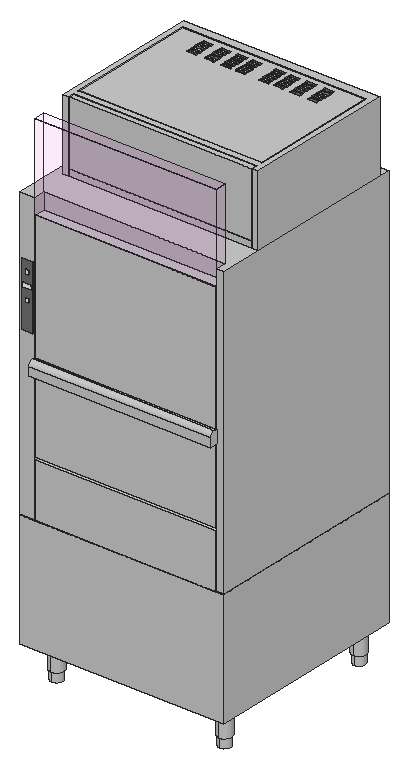
Revit family "QF_COMENDA_6G3151_6G3256_AA_CAT", category Attrezzature speciali, Revit 2021
Family settings
  Quota connettore circolare = Usa diametro
  Tipo di parte = Normale
  Numero OmniClass = 23.40.40.14
  Titolo OmniClass = Food Service Equipment
  Basato su piano di lavoro = No
  Sempre verticale = Sì
  Taglio con vuoti quando caricato = No
  Condiviso = No
  Punto di calcolo locali = No
Parameters (values of type "6G3151_AA")
  URL catalogo = "https://www.comenda.fr/pdf/docs/Gi/GAMME_GI_2023.pdf"
  URL = "www.comenda.fr"
  Tensione = 400 V
  Temperatura raccomandata per acqua calda = 50 °C
  Show Logo [instance] = yes
  Show Clearance [instance] = yes
  Protezione contro le sovracorrenti = 16 A
  Prospetto di default = 0 mm
  Profondità = 870 mm
  Pressione minima acqua calda = 200000.0 Pa
  Potenza elettrica = 9000 W
  Pessione minima acqua fredda = 200000.0 Pa
  Peso netto = 200.00 kg
  Numero dei poli = 3
  Modello = "Gi 605 R CRC"
  Produttore = "COMENDA"
  Lunghezza = 860 mm
  Frequenza = 50 Hz
  Fase = 3
  Diametro raccordo acqua calda = 3/4"
  Diametro dello scarico diretto di acqua = 1 3/8"
  Descrizione = "THREE-PHASE FRONT LOADING POTWASHER WITH RCD"
  Corrente di funzionamento normale = 13.7 A
  Assembly Code = ""
  Altezza dello scarico diretto acqua da pavimento finito = 145 mm
  Altezza da terra raccordo acqua calda = 175 mm
  Altezza allacciamento elettrico da pavimento finito = 135 mm
  Altezza = 2145 mm
Types (2, lengths in mm): name | Profondità | Modello | Altezza
  6G3256_AA | 900 | "Gi 605H R CRC" | 2295
  6G3151_AA | 870 | "Gi 605 R CRC" | 2145
Reference planes
  plane 1 "Back": y = 0
  plane 2: z = 0
  plane 3 "Left": x = -30
  plane 4 "Right": x = 830
  plane 5 "Front": y = -900
  plane 6 "Top": z = 2145
Forms (mm)
  Revolve 1, solid
    sketch origin (60, 0, 0) x (0, 1, 0) y (0, 0, 1)
      loop
        line (-50, 135) -> (-80, 135) -> (-80, 0) -> (-55, 0) -> (-55, 40) -> (-50, 40) -> (-50, 135)
      axis (-80, 0) -> (-80, 135)
    angle from 0 to 360
  Revolve 2, solid
    sketch origin (60, -710, 0) x (0, 1, 0) y (0, 0, 1)
      loop
        line (-50, 135) -> (-80, 135) -> (-80, 0) -> (-55, 0) -> (-55, 40) -> (-50, 40) -> (-50, 135)
      axis (-80, 0) -> (-80, 135)
    angle from 0 to 360
  Revolve 3, solid
    sketch origin (770, 0, 0) x (0, 1, 0) y (0, 0, 1)
      loop
        line (-50, 135) -> (-80, 135) -> (-80, 0) -> (-55, 0) -> (-55, 40) -> (-50, 40) -> (-50, 135)
      axis (-80, 0) -> (-80, 135)
    angle from 0 to 360
  Revolve 4, solid
    sketch origin (770, -710, 0) x (0, 1, 0) y (0, 0, 1)
      loop
        line (-50, 135) -> (-80, 135) -> (-80, 0) -> (-55, 0) -> (-55, 40) -> (-50, 40) -> (-50, 135)
      axis (-80, 0) -> (-80, 135)
    angle from 0 to 360
  Extrusion 5, solid
    sketch origin (0, 0, 725.5) x (1, 0, 0) y (0, 1, 0)
      loop
        line (-30, 0) -> (-30, -870) -> (30, -870) -> (30, -820) -> (800, -820) -> (800, -870) -> (830, -870) -> (830, 0) -> (-30, 0)
    from -99.4 to 1119.5
  Extrusion 6, solid
    sketch origin (0, 0, 0) x (1, 0, 0) y (0, 1, 0)
      loop
        line (-30, 0) -> (-30, -870) -> (830, -870) -> (830, 0) -> (-30, 0)
    from 135 to 625
  Extrusion 7, solid
    sketch origin (30, 0, -174) x (0, 1, 0) y (0, 0, 1)
      loop
        line (-900, 1357.5) -> (-870, 1357.5) -> (-870, 1412.5) -> (-880, 1412.5)
        arc (-880, 1412.5) -> (-894.142, 1406.642) -> (-900, 1392.5) r 20
        line (-900, 1392.5) -> (-900, 1357.5)
    from 0 to 770
  Extrusion 8, solid
    sketch origin (0, 0, 625) x (1, 0, 0) y (0, 1, 0)
      loop
        line (30, -870) -> (798.5, -870) -> (798.5, -820) -> (30, -820) -> (30, -870)
    from 0 to 229
  Extrusion 9, solid
    sketch origin (0, 0, 714.969) x (1, 0, 0) y (0, 1, 0)
      loop
        line (30, -870) -> (798.5, -870) -> (798.5, -820) -> (30, -820) -> (30, -870)
    from 150 to 523.531
  Extrusion 10, solid
    sketch origin (-186.246, 1874.578, 2145) x (0, 1, 0) y (-1, 0, 0)
      loop
        line (-2744.578, -216.246) -> (-2744.578, -984.746) -> (-2694.578, -984.746) -> (-2694.578, -216.246) -> (-2744.578, -216.246)
    from -905.9 to -365.947
  Extrusion 11, solid, visible <- "Show Clearance", detail levels coarse
    sketch origin (30, 0, -119.416) x (0, 1, 0) y (0, 0, 1)
      loop
        line (-870, 984.386) -> (-870, 1504.386)
        arc (-870, 1504.386) -> (-1237.696, 1352.081) -> (-1390, 984.386) r 520
        line (-1390, 984.386) -> (-870, 984.386)
    from 0 to 768.5
  Extrusion 12, solid
    sketch origin (-775.007, -868.2, 645.031) x (1, 0, 0) y (0, 0, 1)
      loop
        line (800, 954.969) -> (750, 954.969) -> (750, 684.969) -> (800, 684.969) -> (800, 954.969)
    from 0 to 2
  Extrusion 13, solid
    sketch origin (-1776.5, -868.4, 885) x (1, 0, 0) y (0, 0, 1)
      loop
        line (1795, 624) -> (1758, 624) -> (1758, 606) -> (1795, 606) -> (1795, 624)
      loop
        line (1784.5, 569.5) -> (1768.5, 569.5) -> (1768.5, 553.5) -> (1784.5, 553.5) -> (1784.5, 569.5)
      loop
        line (1784.5, 676.5) -> (1768.5, 676.5) -> (1768.5, 660.5) -> (1784.5, 660.5) -> (1784.5, 676.5)
    from 0 to 2
  Extrusion 14, solid
    sketch origin (800, -870, 725.5) x (0, 1, 0) y (0, 0, -1)
      loop
        line (0, -1053.553) -> (0, -1419.953) -> (50, -1419.953) -> (50, -1053.553) -> (0, -1053.553)
    from 0 to 770
  Extrusion 15, void
    sketch origin (60, -790, 0) x (1, 0, 0) y (0, 1, 0)
      loop
        circle (-20, 130) r 9.55
    from 0 to 175
  Extrusion 16, void
    sketch origin (60, -790, 0) x (1, 0, 0) y (0, 1, 0)
      loop
        circle (539.96, 180) r 17.5
    from 0 to 145
  Extrusion 17, solid
    sketch origin (0, 0, 135) x (0, 1, 0) y (1, 0, 0)
      loop
        circle (-848, 745) r 4.875
    from 0 to 1
  Extrusion 18, solid
    sketch origin (0, 60, 1991.5) x (1, 0, 0) y (0, 1, 0)
      loop
        line (2.5, -105) -> (2.5, -745) -> (27.5, -745) -> (27.5, -720) -> (802.5, -720) -> (802.5, -745) -> (827.5, -745) -> (827.5, -105) -> (2.5, -105)
      loop
        line (802.5, -695) -> (802.5, -144.872) -> (27.5, -144.872) -> (27.5, -695) -> (802.5, -695)
    from -146.5 to 153.5
  Extrusion 19, solid
    sketch origin (0, 62, 1991.5) x (1, 0, 0) y (0, 1, 0)
      loop
        line (800.5, -146.872) -> (29.5, -146.872) -> (29.5, -693) -> (800.5, -693) -> (800.5, -146.872)
    from 125 to 153.5
  Extrusion 20, solid
    sketch origin (802.5, -660, 1991.5) x (-1, 0, 0) y (0, 0, -1)
      loop
        line (773, 118) -> (773, 144.5) -> (2, 144.5) -> (2, 118) -> (773, 118)
    from 0 to 25
  Extrusion 21, solid
    sketch origin (0, 62, 2145) x (1, 0, 0) y (0, 1, 0)
      loop
        line (138.948, -174.377) -> (138.948, -184.376) -> (178.948, -184.376) -> (178.948, -174.377) -> (138.948, -174.377)
      loop
        line (138.948, -194.377) -> (138.948, -204.377) -> (178.948, -204.377) -> (178.948, -194.377) -> (138.948, -194.377)
      loop
        line (138.948, -214.377) -> (138.948, -224.377) -> (178.948, -224.377) -> (178.948, -214.377) -> (138.948, -214.377)
      loop
        line (138.948, -234.377) -> (138.948, -244.377) -> (178.948, -244.377) -> (178.948, -234.377) -> (138.948, -234.377)
      loop
        line (138.948, -254.377) -> (138.948, -264.377) -> (178.948, -264.377) -> (178.948, -254.377) -> (138.948, -254.377)
      loop
        line (213.948, -174.377) -> (213.948, -184.376) -> (253.948, -184.376) -> (253.948, -174.377) -> (213.948, -174.377)
      loop
        line (213.948, -194.377) -> (213.948, -204.377) -> (253.948, -204.377) -> (253.948, -194.377) -> (213.948, -194.377)
      loop
        line (213.948, -214.377) -> (213.948, -224.377) -> (253.948, -224.377) -> (253.948, -214.377) -> (213.948, -214.377)
      loop
        line (213.948, -234.377) -> (213.948, -244.377) -> (253.948, -244.377) -> (253.948, -234.377) -> (213.948, -234.377)
      loop
        line (213.948, -254.377) -> (213.948, -264.377) -> (253.948, -264.377) -> (253.948, -254.377) -> (213.948, -254.377)
      loop
        line (283.948, -174.377) -> (283.948, -184.376) -> (323.948, -184.376) -> (323.948, -174.377) -> (283.948, -174.377)
      loop
        line (283.948, -194.377) -> (283.948, -204.377) -> (323.948, -204.377) -> (323.948, -194.377) -> (283.948, -194.377)
      loop
        line (283.948, -214.377) -> (283.948, -224.377) -> (323.948, -224.377) -> (323.948, -214.377) -> (283.948, -214.377)
      loop
        line (283.948, -234.377) -> (283.948, -244.377) -> (323.948, -244.377) -> (323.948, -234.377) -> (283.948, -234.377)
      loop
        line (283.948, -254.377) -> (283.948, -264.377) -> (323.948, -264.377) -> (323.948, -254.377) -> (283.948, -254.377)
      loop
        line (344.948, -174.377) -> (344.948, -184.376) -> (384.948, -184.376) -> (384.948, -174.377) -> (344.948, -174.377)
      loop
        line (344.948, -194.377) -> (344.948, -204.377) -> (384.948, -204.377) -> (384.948, -194.377) -> (344.948, -194.377)
      loop
        line (344.948, -214.377) -> (344.948, -224.377) -> (384.948, -224.377) -> (384.948, -214.377) -> (344.948, -214.377)
      loop
        line (344.948, -234.377) -> (344.948, -244.377) -> (384.948, -244.377) -> (384.948, -234.377) -> (344.948, -234.377)
      loop
        line (344.948, -254.377) -> (344.948, -264.377) -> (384.948, -264.377) -> (384.948, -254.377) -> (344.948, -254.377)
      loop
        line (691.148, -174.377) -> (651.148, -174.377) -> (651.148, -184.376) -> (691.148, -184.376) -> (691.148, -174.377)
      loop
        line (691.148, -194.377) -> (651.148, -194.377) -> (651.148, -204.377) -> (691.148, -204.377) -> (691.148, -194.377)
      loop
        line (691.148, -214.377) -> (651.148, -214.377) -> (651.148, -224.377) -> (691.148, -224.377) -> (691.148, -214.377)
      loop
        line (691.148, -234.377) -> (651.148, -234.377) -> (651.148, -244.377) -> (691.148, -244.377) -> (691.148, -234.377)
      loop
        line (691.148, -254.377) -> (651.148, -254.377) -> (651.148, -264.377) -> (691.148, -264.377) -> (691.148, -254.377)
      loop
        line (616.148, -174.377) -> (576.148, -174.377) -> (576.148, -184.376) -> (616.148, -184.376) -> (616.148, -174.377)
      loop
        line (616.148, -194.377) -> (576.148, -194.377) -> (576.148, -204.377) -> (616.148, -204.377) -> (616.148, -194.377)
      loop
        line (616.148, -214.377) -> (576.148, -214.377) -> (576.148, -224.377) -> (616.148, -224.377) -> (616.148, -214.377)
      loop
        line (616.148, -234.377) -> (576.148, -234.377) -> (576.148, -244.377) -> (616.148, -244.377) -> (616.148, -234.377)
      loop
        line (616.148, -254.377) -> (576.148, -254.377) -> (576.148, -264.377) -> (616.148, -264.377) -> (616.148, -254.377)
      loop
        line (546.148, -174.377) -> (506.148, -174.377) -> (506.148, -184.376) -> (546.148, -184.376) -> (546.148, -174.377)
      loop
        line (546.148, -194.377) -> (506.148, -194.377) -> (506.148, -204.377) -> (546.148, -204.377) -> (546.148, -194.377)
      loop
        line (546.148, -214.377) -> (506.148, -214.377) -> (506.148, -224.377) -> (546.148, -224.377) -> (546.148, -214.377)
      loop
        line (546.148, -234.377) -> (506.148, -234.377) -> (506.148, -244.377) -> (546.148, -244.377) -> (546.148, -234.377)
      loop
        line (546.148, -254.377) -> (506.148, -254.377) -> (506.148, -264.377) -> (546.148, -264.377) -> (546.148, -254.377)
      loop
        line (485.148, -174.377) -> (445.148, -174.377) -> (445.148, -184.376) -> (485.148, -184.376) -> (485.148, -174.377)
      loop
        line (485.148, -194.377) -> (445.148, -194.377) -> (445.148, -204.377) -> (485.148, -204.377) -> (485.148, -194.377)
      loop
        line (485.148, -214.377) -> (445.148, -214.377) -> (445.148, -224.377) -> (485.148, -224.377) -> (485.148, -214.377)
      loop
        line (485.148, -234.377) -> (445.148, -234.377) -> (445.148, -244.377) -> (485.148, -244.377) -> (485.148, -234.377)
      loop
        line (485.148, -254.377) -> (445.148, -254.377) -> (445.148, -264.377) -> (485.148, -264.377) -> (485.148, -254.377)
    from 0 to 0.5
  Extrusion 22, solid
    sketch origin (802, -660, 1925) x (-1, 0, 0) y (0, 0, -1)
      loop
        line (773, -220) -> (773, 78) -> (2, 78) -> (2, -220) -> (773, -220)
    from 0 to 25
Cuts and joins
  Extrusion 15, Extrusion 16 cuts Extrusion 5
  Extrusion 15, Extrusion 16 cuts Extrusion 6
  joined: Extrusion 5, Extrusion 6
Lines and regions (mm)
  symbolic lines, style "200-EquipBorder-2D"
    curve 1: line (-30, 0, 0) -> (830, 0, 0)
    curve 2: line (-30, -870, 0) -> (-30, 0, 0)
    curve 3: line (830, -870, 0) -> (-30, -870, 0)
    curve 4: line (830, 0, 0) -> (830, -870, 0)
    curve 5: line (30, -870, 0) -> (30, -900, 0)
    curve 6: line (30, -900, 0) -> (798.5, -900, 0)
    curve 7: line (798.5, -900, 0) -> (798.5, -870, 0)
    curve 10: line (800, -820, 0) -> (800, -870, 0)
  symbolic lines, style "200-EquipInternal-2D"
    curve 8: line (30, -870, 0) -> (30, -820, 0)
    curve 9: line (30, -820, 0) -> (800, -820, 0)
  symbolic lines, style "QF_Door-Drawer Clearances", visible <- "Show Clearance"
    curve 11: line (30, -870, 0) -> (30, -1390, 0)
    curve 12: line (798.5, -1390, 0) -> (798.5, -870, 0)
    curve 13: line (30, -1390, 0) -> (798.5, -1390, 0)
  symbolic lines, style "200-InsPoint-3D"
    curve 14: circle (-30, 0, 0) r 0.2 normal (0, 0, 1)
    curve 15: circle (830, 0, 0) r 0.2 normal (0, 0, 1)
    curve 16: circle (-30, -870, 0) r 0.2 normal (0, 0, 1)
    curve 17: circle (830, -870, 0) r 0.2 normal (0, 0, 1)
Dimensions and locks
  plane 3 "Left" to plane 4 "Right" = 860 mm
  plane 5 "Front" to plane 1 "Back" = 900 mm
  plane 6 "Top" to level = 2145 mm
  "Altezza": plane 6 "Top" to level
  cut or joined group of Extrusion 5, Extrusion 6, Extrusion 15, Extrusion 16 to Extrusion 10 = 65.947 mm
  locked: level to Extrusion 8 at 854
  locked: Extrusion 12 to level at 1330
  locked: cut or joined group of Extrusion 5, Extrusion 6, Extrusion 15, Extrusion 16 to Extrusion 14 at 65.947
  locked: Extrusion 9 to level at 864.969
  level to Extrusion 11 sketch curve to Extrusion 11 sketch curve = 864.969 mm locked, 520 mm
  cut or joined group of Extrusion 5, Extrusion 6, Extrusion 15, Extrusion 16 to Extrusion 10 = 605.9 mm
  locked: Extrusion 10 to Extrusion 7 at 55.6
  locked: cut or joined group of Extrusion 5, Extrusion 6, Extrusion 15, Extrusion 16 to level at 625
  locked: cut or joined group of Extrusion 5, Extrusion 6, Extrusion 15, Extrusion 16 to level at 135
  locked: Extrusion 18 sketch curve to Extrusion 18 sketch curve at 825
  locked: Extrusion 18 sketch curve to Extrusion 18 sketch curve at 640
  locked: Extrusion 18 sketch curve to Extrusion 18 sketch curve at 25  (x3)
  Extrusion 20 to cut or joined group of Extrusion 5, Extrusion 6, Extrusion 15, Extrusion 16 = 28.5 mm
  Extrusion 18 to plane 1 "Back" = 45 mm
  locked: plane 6 "Top" to cut or joined group of Extrusion 5, Extrusion 6, Extrusion 15, Extrusion 16 at 300
  locked: Extrusion 19 to plane 1 "Back" at 84.872
  locked: plane 6 "Top" to Extrusion 19 at 28.5
  Extrusion 13 sketch curve to Extrusion 13 sketch curve = 36.5 mm
  locked: Extrusion 13 to Extrusion 12 at 108.5
  locked: Extrusion 12 to Extrusion 13 at 38.5
  aligned and locked: level to plane 2
  aligned and locked: Extrusion 14 sketch curve to Extrusion 10  (x2)
  aligned and locked: cut or joined group of Extrusion 5, Extrusion 6, Extrusion 15, Extrusion 16 to Extrusion 14 sketch curve
  aligned and locked: Extrusion 20 to Extrusion 18  (x2)
  aligned and locked: plane 6 "Top" to Extrusion 18
  aligned and locked: plane 6 "Top" to Extrusion 19
  aligned and locked: Extrusion 5 to Extrusion 18
  aligned and locked: Extrusion 7 to Extrusion 9
  aligned and locked: curve 5 to Extrusion 7
Automatic sketch dimensions
  Revolve 1 sketch curve to level = 0 mm
  plane 1 "Back" to Revolve 1 sketch curve = 80 mm
  Revolve 1 sketch curve to Revolve 1 sketch curve = 25 mm
  Revolve 1 sketch curve to Revolve 1 sketch curve = 5 mm
  level to Revolve 1 sketch curve = 40 mm
  Revolve 1 sketch curve to Revolve 1 sketch curve = 95 mm
  Revolve 1 sketch curve to Revolve 1 sketch curve = 0 mm
  Revolve 1 sketch curve to Revolve 1 sketch curve = 35 mm
  Revolve 1 sketch curve to Revolve 1 sketch curve = 15 mm
  Revolve 2 sketch curve to level = 0 mm
  plane 5 "Front" to Revolve 2 sketch curve = 110 mm
  Revolve 2 sketch curve to Revolve 2 sketch curve = 25 mm
  Revolve 2 sketch curve to Revolve 2 sketch curve = 5 mm
  level to Revolve 2 sketch curve = 40 mm
  Revolve 2 sketch curve to Revolve 2 sketch curve = 95 mm
  Revolve 2 sketch curve to Revolve 2 sketch curve = 0 mm
  Revolve 2 sketch curve to Revolve 2 sketch curve = 35 mm
  Revolve 2 sketch curve to Revolve 2 sketch curve = 15 mm
  Revolve 3 sketch curve to level = 0 mm
  plane 1 "Back" to Revolve 3 sketch curve = 80 mm
  Revolve 3 sketch curve to Revolve 3 sketch curve = 25 mm
  Revolve 3 sketch curve to Revolve 3 sketch curve = 5 mm
  level to Revolve 3 sketch curve = 40 mm
  Revolve 3 sketch curve to Revolve 3 sketch curve = 95 mm
  Revolve 3 sketch curve to Revolve 3 sketch curve = 0 mm
  Revolve 3 sketch curve to Revolve 3 sketch curve = 35 mm
  Revolve 3 sketch curve to Revolve 3 sketch curve = 15 mm
  Revolve 4 sketch curve to level = 0 mm
  plane 5 "Front" to Revolve 4 sketch curve = 110 mm
  Revolve 4 sketch curve to Revolve 4 sketch curve = 25 mm
  Revolve 4 sketch curve to Revolve 4 sketch curve = 5 mm
  level to Revolve 4 sketch curve = 40 mm
  Revolve 4 sketch curve to Revolve 4 sketch curve = 95 mm
  Revolve 4 sketch curve to Revolve 4 sketch curve = 0 mm
  Revolve 4 sketch curve to Revolve 4 sketch curve = 35 mm
  Revolve 4 sketch curve to Revolve 4 sketch curve = 15 mm
  plane 1 "Back" to Extrusion 5 sketch curve = 0 mm
  Extrusion 5 sketch curve to plane 3 "Left" = 0 mm
  Extrusion 5 sketch curve to plane 4 "Right" = 0 mm
  plane 3 "Left" to Extrusion 5 sketch curve = 60 mm
  Extrusion 5 sketch curve to Extrusion 5 sketch curve = 30 mm
  plane 5 "Front" to Extrusion 5 sketch curve = 80 mm
  plane 5 "Front" to Extrusion 5 sketch curve = 30 mm  (x2)
  Extrusion 6 sketch curve to plane 3 "Left" = 0 mm
  Extrusion 6 sketch curve to plane 4 "Right" = 0 mm
  plane 1 "Back" to Extrusion 6 sketch curve = 0 mm
  plane 5 "Front" to Extrusion 6 sketch curve = 30 mm
  Extrusion 7 sketch curve to plane 5 "Front" = 0 mm
  Extrusion 7 sketch curve to Extrusion 7 sketch curve = 20 mm
  Extrusion 7 sketch curve to Extrusion 7 sketch curve = 30 mm
  Extrusion 7 sketch curve to plane 6 "Top" = 961.5 mm
  Extrusion 7 sketch curve to Extrusion 7 sketch curve = 35 mm
  plane 3 "Left" to Extrusion 8 sketch curve = 60 mm
  plane 4 "Right" to Extrusion 8 sketch curve = 31.5 mm
  plane 5 "Front" to Extrusion 8 sketch curve = 30 mm
  Extrusion 8 sketch curve to Extrusion 8 sketch curve = 50 mm
  plane 3 "Left" to Extrusion 9 sketch curve = 60 mm
  plane 4 "Right" to Extrusion 9 sketch curve = 31.5 mm
  plane 5 "Front" to Extrusion 9 sketch curve = 30 mm
  Extrusion 9 sketch curve to Extrusion 9 sketch curve = 50 mm
  plane 5 "Front" to Extrusion 10 sketch curve = 30 mm
  Extrusion 10 sketch curve to Extrusion 10 sketch curve = 50 mm
  plane 4 "Right" to Extrusion 10 sketch curve = 31.5 mm
  plane 3 "Left" to Extrusion 10 sketch curve = 60 mm
  Extrusion 11 sketch curve to plane 5 "Front" = 490 mm
  plane 3 "Left" to Extrusion 12 sketch curve = 4.993 mm
  Extrusion 12 sketch curve to Extrusion 12 sketch curve = 50 mm
  Extrusion 12 sketch curve to plane 6 "Top" = 815 mm
  Extrusion 12 sketch curve to Extrusion 12 sketch curve = 270 mm
  plane 3 "Left" to Extrusion 13 sketch curve = 11.5 mm
  plane 3 "Left" to Extrusion 13 sketch curve = 22 mm  (x2)
  Extrusion 13 sketch curve to Extrusion 13 sketch curve = 16 mm  (x4)
  Extrusion 13 sketch curve to Extrusion 13 sketch curve = 37 mm
  Extrusion 13 sketch curve to plane 6 "Top" = 706.5 mm
  Extrusion 13 sketch curve to Extrusion 13 sketch curve = 18 mm
  Revolve 2 to Extrusion 15 sketch curve = 20 mm
  Extrusion 16 sketch curve to Revolve 2 = 539.96 mm
  Extrusion 6 to Extrusion 17 sketch curve = 22 mm
  Extrusion 6 to Extrusion 17 sketch curve = 85 mm
  plane 3 "Left" to Extrusion 18 sketch curve = 32.5 mm
  Extrusion 18 sketch curve to Extrusion 18 sketch curve = 0 mm  (x2)
  plane 5 "Front" to Extrusion 18 sketch curve = 215 mm
  Extrusion 18 sketch curve to Extrusion 18 sketch curve = 25 mm  (x2)
  Extrusion 18 sketch curve to Extrusion 18 sketch curve = 39.872 mm
  plane 3 "Left" to Extrusion 19 sketch curve = 59.5 mm
  plane 4 "Right" to Extrusion 19 sketch curve = 29.5 mm
  plane 5 "Front" to Extrusion 19 sketch curve = 269 mm
  plane 1 "Back" to Extrusion 19 sketch curve = 84.872 mm
  Extrusion 20 sketch curve to Extrusion 18 = 2 mm
  Extrusion 18 to Extrusion 20 sketch curve = 2 mm  (x2)
  Extrusion 18 to Extrusion 20 sketch curve = 271.5 mm
  Extrusion 21 sketch curve to Extrusion 19 = 27.505 mm  (x5)
  Extrusion 21 sketch curve to Extrusion 19 = 109.448 mm
  Extrusion 21 sketch curve to Extrusion 21 sketch curve = 0 mm  (x58)
  Extrusion 21 sketch curve to Extrusion 21 sketch curve = 40 mm  (x10)
  Extrusion 21 sketch curve to Extrusion 21 sketch curve = 35 mm  (x4)
  Extrusion 21 sketch curve to Extrusion 21 sketch curve = 30 mm  (x4)
  Extrusion 21 sketch curve to Extrusion 21 sketch curve = 21 mm  (x4)
  Extrusion 21 sketch curve to Extrusion 21 sketch curve = 60.2 mm
  Extrusion 21 sketch curve to Extrusion 21 sketch curve = 10 mm  (x72)
  Extrusion 21 sketch curve to Extrusion 19 = 37.505 mm
  Extrusion 14 sketch curve to Extrusion 5 = 300.453 mm
  Extrusion 13 sketch curve to Extrusion 13 sketch curve = 36.5 mm
  curve 16 to plane 3 "Left" = 0 mm
  curve 2 to plane 3 "Left" = 0 mm
  plane 1 "Back" to curve 14 = 0 mm
  curve 14 to plane 3 "Left" = 0 mm
  curve 7 to plane 5 "Front" = 0 mm
  plane 1 "Back" to curve 4 = 0 mm
  curve 4 to plane 4 "Right" = 0 mm
  plane 1 "Back" to curve 15 = 0 mm
  curve 15 to plane 4 "Right" = 0 mm
  curve 17 to plane 4 "Right" = 0 mm
  plane 3 "Left" to curve 13 = 60 mm
  curve 9 to curve 5 = 0 mm
  plane 4 "Right" to curve 13 = 31.5 mm
  curve 7 to curve 12 = 0 mm
  plane 4 "Right" to curve 10 = 30 mm
  curve 12 to plane 5 "Front" = 490 mm
  plane 5 "Front" to curve 4 = 30 mm
  curve 16 to curve 2 = 0 mm
  curve 17 to curve 3 = 0 mm
  curve 10 to curve 9 = 50 mm
  Extrusion 22 sketch curve to plane 6 "Top" = 0 mm
  plane 4 "Right" to Extrusion 22 sketch curve = 30 mm
  plane 3 "Left" to Extrusion 22 sketch curve = 59 mm
  Extrusion 22 sketch curve to plane 6 "Top" = 298 mm
  radius of Extrusion 15 sketch curve = 9.55 mm
  radius of Extrusion 16 sketch curve = 17.5 mm
  radius of Extrusion 17 sketch curve = 4.875 mm
  radius of curve 14 = 0.2 mm
  radius of curve 15 = 0.2 mm
  radius of curve 16 = 0.2 mm
  radius of curve 17 = 0.2 mm
Connectors
  piping at (599.96, -610, 145), diameter 34.925, driven by "Diametro dello scarico diretto di acqua"
    settings: on cut or joined group of Extrusion 5, Extrusion 6, Extrusion 15, Extrusion 16, index 1, connector inside diameter 24", connector length 0 mm, flow factor 0, pipe flow 0.0 L/s, pressure drop 0.0 Pa, fitting loss kfactor 0, connector angle 0.00°, fixture units 0, engagement length 0 mm, angle of deflection 0.00°, flow configuration 0, flow direction 2, fitting loss method 0, system type 7, joint type 0, gender type 0, connector reference index -1, connector utility 0, adjustable connector no, is connector primary yes, connector description "QF_DRAIN_CONNECTION"
  piping at (40, -660, 175), diameter 19.05, driven by "Diametro raccordo acqua calda"
    settings: on cut or joined group of Extrusion 5, Extrusion 6, Extrusion 15, Extrusion 16, index 2, connector inside diameter 24", connector length 0 mm, flow factor 0, pipe flow 0.0 L/s, pressure drop 0.0 Pa, fitting loss kfactor 0, connector angle 0.00°, fixture units 0, engagement length 0 mm, angle of deflection 0.00°, flow configuration 0, flow direction 1, fitting loss method 0, system type 7, joint type 0, gender type 0, connector reference index -1, connector utility 0, adjustable connector no, is connector primary no, connector description "WATER_CONNECTION"
  electrical at (745, -848, 135), driven by "Numero dei poli", driven by "Tensione", driven by "Potenza elettrica"
    settings: on Extrusion 17, index 3, voltage 400 V, apparent load 9000 VA, apparent load phase1 0 VA, apparent load phase2 0 VA, apparent load phase3 0 VA, power factor 1, load classification "Altro", number of poles 3, system type 30, power factor state 1, is connector primary yes, connector utility no, sub classification motor no, connector description "QF_ELECTRICAL_CONNECTION"
